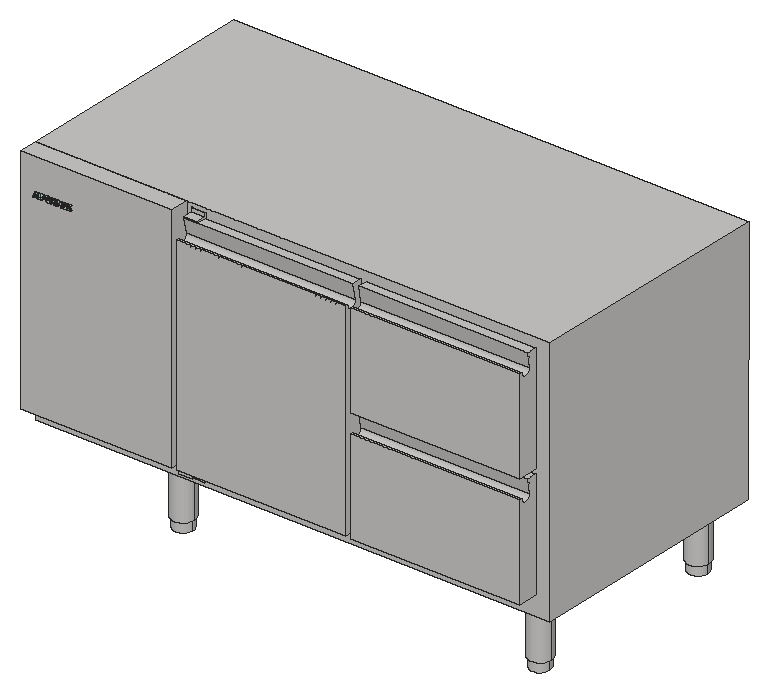
Revit family "QF_ALPENINOX_712678_AJ2F7AB", category Specialty Equipment, Revit 2018 (continued)
Definition of nested family "APX_BI_BT_L_650"
  Automatic sketch dimensions
    Extrusion 4 sketch curve to Extrusion 4 sketch curve = 0.31 mm  (x2)
    Extrusion 4 sketch curve to Extrusion 4 sketch curve = 0.473 mm
    Extrusion 4 sketch curve to Extrusion 4 sketch curve = 0.171 mm
    Extrusion 4 sketch curve to Extrusion 4 sketch curve = 0.674 mm
    Extrusion 4 sketch curve to Extrusion 4 sketch curve = 1.992 mm
    Extrusion 4 sketch curve to Extrusion 4 sketch curve = 5.4 mm
    Extrusion 4 sketch curve to Extrusion 4 sketch curve = 3.473 mm  (x2)
    Extrusion 4 sketch curve to Extrusion 4 sketch curve = 2.32 mm
    Extrusion 4 sketch curve to Extrusion 4 sketch curve = 2.431 mm
    Extrusion 4 sketch curve to Extrusion 4 sketch curve = 1.177 mm
    Extrusion 4 sketch curve to Extrusion 4 sketch curve = 0.966 mm
    Extrusion 4 sketch curve to Extrusion 4 sketch curve = 2.544 mm
    Extrusion 4 sketch curve to Extrusion 4 sketch curve = 0.346 mm
    Extrusion 4 sketch curve to Extrusion 4 sketch curve = 0.037 mm
    Extrusion 4 sketch curve to Extrusion 4 sketch curve = 2.58 mm  (x2)
    Extrusion 4 sketch curve to Extrusion 4 sketch curve = 0.793 mm  (x2)
    Extrusion 4 sketch curve to Extrusion 4 sketch curve = 0.276 mm
    Extrusion 4 sketch curve to Extrusion 4 sketch curve = 3.452 mm  (x2)
    Extrusion 4 sketch curve to Extrusion 4 sketch curve = 1.238 mm
    Extrusion 4 sketch curve to Extrusion 4 sketch curve = 3.023 mm
    Extrusion 4 sketch curve to Extrusion 4 sketch curve = 0.834 mm  (x2)
    Extrusion 4 sketch curve to Extrusion 4 sketch curve = 0.529 mm
    Extrusion 4 sketch curve to Extrusion 4 sketch curve = 0.823 mm  (x2)
    Extrusion 4 sketch curve to Extrusion 4 sketch curve = 0.947 mm
    Extrusion 4 sketch curve to Extrusion 4 sketch curve = 3.837 mm
    Extrusion 4 sketch curve to Extrusion 4 sketch curve = 0.623 mm
    Extrusion 4 sketch curve to Extrusion 4 sketch curve = 1.082 mm
    Extrusion 4 sketch curve to Extrusion 4 sketch curve = 0.801 mm
    Extrusion 4 sketch curve to Extrusion 4 sketch curve = 1 mm
    Extrusion 4 sketch curve to Extrusion 4 sketch curve = 0.089 mm
    Extrusion 4 sketch curve to Extrusion 4 sketch curve = 4.257 mm
    Extrusion 4 sketch curve to Extrusion 4 sketch curve = 4.345 mm  (x2)
    Extrusion 4 sketch curve to Extrusion 4 sketch curve = 2.576 mm
    Extrusion 4 sketch curve to Extrusion 4 sketch curve = 1.385 mm  (x4)
    Extrusion 4 sketch curve to Extrusion 4 sketch curve = 2.133 mm  (x4)
    Extrusion 4 sketch curve to Extrusion 4 sketch curve = 3.518 mm
    Extrusion 4 sketch curve to Extrusion 4 sketch curve = 3.032 mm
    Split face 198 sketch curve to Extrusion 2 = 0 mm  (x2)
    Split face 198 sketch curve to Extrusion 2 = 34 mm
    Split face 198 sketch curve to Extrusion 2 = 104 mm
    Split face 198 sketch curve to Split face 198 sketch curve = 17.5 mm
    Split face 134 sketch curve to Extrusion 2 = 135.544 mm
    Split face 134 sketch curve to Extrusion 2 = 128.176 mm
    Split face 135 sketch curve to Extrusion 2 = 80.544 mm
    Split face 135 sketch curve to Extrusion 2 = 128.176 mm
    Split face 136 sketch curve to Extrusion 2 = 135.544 mm
    Split face 136 sketch curve to Extrusion 2 = 140.176 mm
    Split face 137 sketch curve to Extrusion 2 = 80.544 mm
    Split face 137 sketch curve to Extrusion 2 = 140.176 mm
    Split face 138 sketch curve to Extrusion 2 = 135.544 mm
    Split face 138 sketch curve to Extrusion 2 = 152.176 mm
    Split face 139 sketch curve to Extrusion 2 = 80.544 mm
    Split face 139 sketch curve to Extrusion 2 = 152.176 mm
    Split face 140 sketch curve to Extrusion 2 = 135.544 mm
    Split face 140 sketch curve to Extrusion 2 = 164.176 mm
    Split face 141 sketch curve to Extrusion 2 = 80.544 mm
    Split face 141 sketch curve to Extrusion 2 = 164.176 mm
    Split face 142 sketch curve to Extrusion 2 = 135.544 mm
    Split face 142 sketch curve to Extrusion 2 = 176.176 mm
    Split face 143 sketch curve to Extrusion 2 = 80.544 mm
    Split face 143 sketch curve to Extrusion 2 = 176.176 mm
    Split face 144 sketch curve to Extrusion 2 = 135.544 mm
    Split face 144 sketch curve to Extrusion 2 = 188.176 mm
    Split face 145 sketch curve to Extrusion 2 = 80.544 mm
    Split face 145 sketch curve to Extrusion 2 = 188.176 mm
    Split face 146 sketch curve to Extrusion 2 = 135.544 mm
    Split face 146 sketch curve to Extrusion 2 = 200.176 mm
    Split face 147 sketch curve to Extrusion 2 = 80.544 mm
    Split face 147 sketch curve to Extrusion 2 = 200.176 mm
    Split face 148 sketch curve to Extrusion 2 = 135.544 mm
    Split face 148 sketch curve to Extrusion 2 = 212.176 mm
    Split face 149 sketch curve to Extrusion 2 = 80.544 mm
    Split face 149 sketch curve to Extrusion 2 = 212.176 mm
    Split face 150 sketch curve to Extrusion 2 = 135.544 mm
    Split face 150 sketch curve to Extrusion 2 = 224.176 mm
    Split face 151 sketch curve to Extrusion 2 = 80.544 mm
    Split face 151 sketch curve to Extrusion 2 = 224.176 mm
    Split face 152 sketch curve to Extrusion 2 = 135.544 mm
    Split face 152 sketch curve to Extrusion 2 = 236.176 mm
    Split face 153 sketch curve to Extrusion 2 = 80.544 mm
    Split face 153 sketch curve to Extrusion 2 = 236.176 mm
    Split face 154 sketch curve to Extrusion 2 = 135.544 mm
    Split face 154 sketch curve to Extrusion 2 = 248.176 mm
    Split face 155 sketch curve to Extrusion 2 = 80.544 mm
    Split face 155 sketch curve to Extrusion 2 = 248.176 mm
    Split face 156 sketch curve to Extrusion 2 = 135.544 mm
    Split face 156 sketch curve to Extrusion 2 = 260.176 mm
    Split face 157 sketch curve to Extrusion 2 = 80.544 mm
    Split face 157 sketch curve to Extrusion 2 = 260.176 mm
    Split face 158 sketch curve to Extrusion 2 = 135.544 mm
    Split face 158 sketch curve to Extrusion 2 = 272.176 mm
    Split face 159 sketch curve to Extrusion 2 = 80.544 mm
    Split face 159 sketch curve to Extrusion 2 = 272.176 mm
    Split face 160 sketch curve to Extrusion 2 = 135.544 mm
    Split face 160 sketch curve to Extrusion 2 = 284.176 mm
    Split face 161 sketch curve to Extrusion 2 = 80.544 mm
    Split face 161 sketch curve to Extrusion 2 = 284.176 mm
    Split face 162 sketch curve to Extrusion 2 = 135.544 mm
    Split face 162 sketch curve to Extrusion 2 = 296.176 mm
    Split face 163 sketch curve to Extrusion 2 = 80.544 mm
    Split face 163 sketch curve to Extrusion 2 = 296.176 mm
    Split face 164 sketch curve to Extrusion 2 = 135.544 mm
    Split face 164 sketch curve to Extrusion 2 = 308.176 mm
    Split face 165 sketch curve to Extrusion 2 = 80.544 mm
    Split face 165 sketch curve to Extrusion 2 = 308.176 mm
    Split face 166 sketch curve to Extrusion 2 = 135.544 mm
    Split face 166 sketch curve to Extrusion 2 = 192.174 mm
    Split face 167 sketch curve to Extrusion 2 = 80.544 mm
    Split face 167 sketch curve to Extrusion 2 = 192.174 mm
    Split face 168 sketch curve to Extrusion 2 = 135.544 mm
    Split face 168 sketch curve to Extrusion 2 = 180.174 mm
    Split face 169 sketch curve to Extrusion 2 = 80.544 mm
    Split face 169 sketch curve to Extrusion 2 = 180.174 mm
    Split face 170 sketch curve to Extrusion 2 = 135.544 mm
    Split face 170 sketch curve to Extrusion 2 = 168.174 mm
    Split face 171 sketch curve to Extrusion 2 = 80.544 mm
    Split face 171 sketch curve to Extrusion 2 = 168.174 mm
    Split face 172 sketch curve to Extrusion 2 = 135.544 mm
    Split face 172 sketch curve to Extrusion 2 = 156.174 mm
    Split face 173 sketch curve to Extrusion 2 = 80.544 mm
    Split face 173 sketch curve to Extrusion 2 = 156.174 mm
    Split face 174 sketch curve to Extrusion 2 = 135.544 mm
    Split face 174 sketch curve to Extrusion 2 = 144.174 mm
    Split face 175 sketch curve to Extrusion 2 = 80.544 mm
    Split face 175 sketch curve to Extrusion 2 = 144.174 mm
    Split face 176 sketch curve to Extrusion 2 = 135.544 mm
    Split face 176 sketch curve to Extrusion 2 = 132.174 mm
    Split face 177 sketch curve to Extrusion 2 = 80.544 mm
    Split face 177 sketch curve to Extrusion 2 = 132.174 mm
    Split face 178 sketch curve to Extrusion 2 = 135.544 mm
    Split face 178 sketch curve to Extrusion 2 = 120.174 mm
    Split face 179 sketch curve to Extrusion 2 = 80.544 mm
    Split face 179 sketch curve to Extrusion 2 = 120.174 mm
    Split face 180 sketch curve to Extrusion 2 = 135.544 mm
    Split face 180 sketch curve to Extrusion 2 = 108.174 mm
    Split face 181 sketch curve to Extrusion 2 = 80.544 mm
    Split face 181 sketch curve to Extrusion 2 = 108.174 mm
    Split face 182 sketch curve to Extrusion 2 = 135.544 mm
    Split face 182 sketch curve to Extrusion 2 = 96.174 mm
    Split face 183 sketch curve to Extrusion 2 = 80.544 mm
    Split face 183 sketch curve to Extrusion 2 = 96.174 mm
    Split face 184 sketch curve to Extrusion 2 = 135.544 mm
    Split face 184 sketch curve to Extrusion 2 = 84.174 mm
    Split face 185 sketch curve to Extrusion 2 = 80.544 mm
    Split face 185 sketch curve to Extrusion 2 = 84.174 mm
    Split face 186 sketch curve to Extrusion 2 = 135.544 mm
    Split face 186 sketch curve to Extrusion 2 = 72.174 mm
    Split face 187 sketch curve to Extrusion 2 = 80.544 mm
    Split face 187 sketch curve to Extrusion 2 = 72.174 mm
    Split face 188 sketch curve to Extrusion 2 = 135.544 mm
    Split face 188 sketch curve to Extrusion 2 = 60.174 mm
    Split face 189 sketch curve to Extrusion 2 = 80.544 mm
    Split face 189 sketch curve to Extrusion 2 = 60.174 mm
    Split face 190 sketch curve to Extrusion 2 = 56.174 mm
    Split face 190 sketch curve to Extrusion 2 = 135.544 mm
    Split face 191 sketch curve to Extrusion 2 = 80.544 mm
    Split face 191 sketch curve to Extrusion 2 = 48.174 mm
    Split face 192 sketch curve to Extrusion 2 = 44.174 mm
    Split face 192 sketch curve to Extrusion 2 = 135.544 mm
    Split face 193 sketch curve to Extrusion 2 = 80.544 mm
    Split face 193 sketch curve to Extrusion 2 = 36.174 mm
    Split face 194 sketch curve to Extrusion 2 = 32.174 mm
    Split face 194 sketch curve to Extrusion 2 = 135.544 mm
    Split face 195 sketch curve to Extrusion 2 = 32.174 mm
    Split face 195 sketch curve to Extrusion 2 = 80.544 mm
    Split face 196 sketch curve to Extrusion 2 = 20.174 mm
    Split face 196 sketch curve to Extrusion 2 = 135.544 mm
    Split face 197 sketch curve to Extrusion 2 = 20.174 mm
    Split face 197 sketch curve to Extrusion 2 = 80.544 mm
    Split face 4 sketch curve to Extrusion 2 = 38.456 mm
    Split face 4 sketch curve to Extrusion 2 = 128.176 mm
    Split face 5 sketch curve to Extrusion 2 = 190.544 mm
    Split face 5 sketch curve to Extrusion 2 = 128.176 mm
    Split face 6 sketch curve to Extrusion 2 = 93.456 mm
    Split face 6 sketch curve to Extrusion 2 = 128.176 mm
    Split face 7 sketch curve to Extrusion 2 = 148.456 mm
    Split face 7 sketch curve to Extrusion 2 = 128.176 mm
    Split face 9 sketch curve to Extrusion 2 = 38.456 mm
    Split face 9 sketch curve to Extrusion 2 = 140.176 mm
    Split face 10 sketch curve to Extrusion 2 = 190.544 mm
    Split face 10 sketch curve to Extrusion 2 = 140.176 mm
    Split face 11 sketch curve to Extrusion 2 = 93.456 mm
    Split face 11 sketch curve to Extrusion 2 = 140.176 mm
    Split face 12 sketch curve to Extrusion 2 = 148.456 mm
    Split face 12 sketch curve to Extrusion 2 = 140.176 mm
    Split face 13 sketch curve to Extrusion 2 = 38.456 mm
    Split face 13 sketch curve to Extrusion 2 = 152.176 mm
    Split face 14 sketch curve to Extrusion 2 = 190.544 mm
    Split face 14 sketch curve to Extrusion 2 = 152.176 mm
    Split face 15 sketch curve to Extrusion 2 = 93.456 mm
    Split face 15 sketch curve to Extrusion 2 = 152.176 mm
    Split face 16 sketch curve to Extrusion 2 = 148.456 mm
    Split face 16 sketch curve to Extrusion 2 = 152.176 mm
    Split face 17 sketch curve to Extrusion 2 = 38.456 mm
    Split face 17 sketch curve to Extrusion 2 = 164.176 mm
    Split face 18 sketch curve to Extrusion 2 = 190.544 mm
    Split face 18 sketch curve to Extrusion 2 = 164.176 mm
    Split face 19 sketch curve to Extrusion 2 = 93.456 mm
    Split face 19 sketch curve to Extrusion 2 = 164.176 mm
    Split face 20 sketch curve to Extrusion 2 = 148.456 mm
    Split face 20 sketch curve to Extrusion 2 = 164.176 mm
    Split face 21 sketch curve to Extrusion 2 = 38.456 mm
    Split face 21 sketch curve to Extrusion 2 = 176.176 mm
    Split face 22 sketch curve to Extrusion 2 = 190.544 mm
    Split face 22 sketch curve to Extrusion 2 = 176.176 mm
    Split face 23 sketch curve to Extrusion 2 = 93.456 mm
    Split face 23 sketch curve to Extrusion 2 = 176.176 mm
    Split face 24 sketch curve to Extrusion 2 = 148.456 mm
    Split face 24 sketch curve to Extrusion 2 = 176.176 mm
    Split face 25 sketch curve to Extrusion 2 = 38.456 mm
    Split face 25 sketch curve to Extrusion 2 = 188.176 mm
    Split face 26 sketch curve to Extrusion 2 = 190.544 mm
    Split face 26 sketch curve to Extrusion 2 = 188.176 mm
    Split face 27 sketch curve to Extrusion 2 = 93.456 mm
    Split face 27 sketch curve to Extrusion 2 = 188.176 mm
    Split face 28 sketch curve to Extrusion 2 = 148.456 mm
    Split face 28 sketch curve to Extrusion 2 = 188.176 mm
    Split face 29 sketch curve to Extrusion 2 = 38.456 mm
    Split face 29 sketch curve to Extrusion 2 = 200.176 mm
    Split face 30 sketch curve to Extrusion 2 = 190.544 mm
    Split face 30 sketch curve to Extrusion 2 = 200.176 mm
    Split face 31 sketch curve to Extrusion 2 = 93.456 mm
    Split face 31 sketch curve to Extrusion 2 = 200.176 mm
    Split face 32 sketch curve to Extrusion 2 = 148.456 mm
    Split face 32 sketch curve to Extrusion 2 = 200.176 mm
    Split face 33 sketch curve to Extrusion 2 = 38.456 mm
    Split face 33 sketch curve to Extrusion 2 = 212.176 mm
    Split face 34 sketch curve to Extrusion 2 = 190.544 mm
    Split face 34 sketch curve to Extrusion 2 = 212.176 mm
    Split face 35 sketch curve to Extrusion 2 = 93.456 mm
    Split face 35 sketch curve to Extrusion 2 = 212.176 mm
    Split face 36 sketch curve to Extrusion 2 = 148.456 mm
    Split face 36 sketch curve to Extrusion 2 = 212.176 mm
    Split face 37 sketch curve to Extrusion 2 = 38.456 mm
    Split face 37 sketch curve to Extrusion 2 = 224.176 mm
    Split face 38 sketch curve to Extrusion 2 = 190.544 mm
    Split face 38 sketch curve to Extrusion 2 = 224.176 mm
    Split face 39 sketch curve to Extrusion 2 = 93.456 mm
    Split face 39 sketch curve to Extrusion 2 = 224.176 mm
    Split face 40 sketch curve to Extrusion 2 = 148.456 mm
    Split face 40 sketch curve to Extrusion 2 = 224.176 mm
    Split face 41 sketch curve to Extrusion 2 = 38.456 mm
    Split face 41 sketch curve to Extrusion 2 = 236.176 mm
    Split face 42 sketch curve to Extrusion 2 = 190.544 mm
    Split face 42 sketch curve to Extrusion 2 = 236.176 mm
    Split face 43 sketch curve to Extrusion 2 = 93.456 mm
    Split face 43 sketch curve to Extrusion 2 = 236.176 mm
    Split face 44 sketch curve to Extrusion 2 = 148.456 mm
    Split face 44 sketch curve to Extrusion 2 = 236.176 mm
    Split face 45 sketch curve to Extrusion 2 = 38.456 mm
    Split face 45 sketch curve to Extrusion 2 = 248.176 mm
    Split face 46 sketch curve to Extrusion 2 = 190.544 mm
    Split face 46 sketch curve to Extrusion 2 = 248.176 mm
    Split face 47 sketch curve to Extrusion 2 = 93.456 mm
    Split face 47 sketch curve to Extrusion 2 = 248.176 mm
    Split face 48 sketch curve to Extrusion 2 = 148.456 mm
    Split face 48 sketch curve to Extrusion 2 = 248.176 mm
    Split face 49 sketch curve to Extrusion 2 = 38.456 mm
    Split face 49 sketch curve to Extrusion 2 = 260.176 mm
    Split face 50 sketch curve to Extrusion 2 = 190.544 mm
    Split face 50 sketch curve to Extrusion 2 = 260.176 mm
    Split face 51 sketch curve to Extrusion 2 = 93.456 mm
    Split face 51 sketch curve to Extrusion 2 = 260.176 mm
    Split face 52 sketch curve to Extrusion 2 = 148.456 mm
    Split face 52 sketch curve to Extrusion 2 = 260.176 mm
    Split face 53 sketch curve to Extrusion 2 = 38.456 mm
    Split face 53 sketch curve to Extrusion 2 = 272.176 mm
    Split face 54 sketch curve to Extrusion 2 = 190.544 mm
    Split face 54 sketch curve to Extrusion 2 = 272.176 mm
    Split face 55 sketch curve to Extrusion 2 = 93.456 mm
    Split face 55 sketch curve to Extrusion 2 = 272.176 mm
    Split face 56 sketch curve to Extrusion 2 = 148.456 mm
    Split face 56 sketch curve to Extrusion 2 = 272.176 mm
    Split face 57 sketch curve to Extrusion 2 = 38.456 mm
    Split face 57 sketch curve to Extrusion 2 = 284.176 mm
    Split face 58 sketch curve to Extrusion 2 = 190.544 mm
    Split face 58 sketch curve to Extrusion 2 = 284.176 mm
    Split face 59 sketch curve to Extrusion 2 = 93.456 mm
    Split face 59 sketch curve to Extrusion 2 = 284.176 mm
    Split face 60 sketch curve to Extrusion 2 = 148.456 mm
    Split face 60 sketch curve to Extrusion 2 = 284.176 mm
    Split face 61 sketch curve to Extrusion 2 = 38.456 mm
    Split face 61 sketch curve to Extrusion 2 = 296.176 mm
    Split face 62 sketch curve to Extrusion 2 = 190.544 mm
    Split face 62 sketch curve to Extrusion 2 = 296.176 mm
    Split face 63 sketch curve to Extrusion 2 = 93.456 mm
    Split face 63 sketch curve to Extrusion 2 = 296.176 mm
    Split face 64 sketch curve to Extrusion 2 = 148.456 mm
    Split face 64 sketch curve to Extrusion 2 = 296.176 mm
    Split face 65 sketch curve to Extrusion 2 = 38.456 mm
    Split face 65 sketch curve to Extrusion 2 = 308.176 mm
    Split face 66 sketch curve to Extrusion 2 = 190.544 mm
    Split face 66 sketch curve to Extrusion 2 = 308.176 mm
    Split face 67 sketch curve to Extrusion 2 = 93.456 mm
    Split face 67 sketch curve to Extrusion 2 = 308.176 mm
    Split face 68 sketch curve to Extrusion 2 = 148.456 mm
    Split face 68 sketch curve to Extrusion 2 = 308.176 mm
    Split face 70 sketch curve to Extrusion 2 = 38.456 mm
    Split face 70 sketch curve to Extrusion 2 = 192.174 mm
    Split face 71 sketch curve to Extrusion 2 = 190.544 mm
    Split face 71 sketch curve to Extrusion 2 = 192.174 mm
    Split face 72 sketch curve to Extrusion 2 = 93.456 mm
    Split face 72 sketch curve to Extrusion 2 = 192.174 mm
    Split face 73 sketch curve to Extrusion 2 = 148.456 mm
    Split face 73 sketch curve to Extrusion 2 = 192.174 mm
    Split face 74 sketch curve to Extrusion 2 = 38.456 mm
    Split face 74 sketch curve to Extrusion 2 = 180.174 mm
    Split face 75 sketch curve to Extrusion 2 = 190.544 mm
    Split face 75 sketch curve to Extrusion 2 = 180.174 mm
    Split face 76 sketch curve to Extrusion 2 = 93.456 mm
    Split face 76 sketch curve to Extrusion 2 = 180.174 mm
    Split face 77 sketch curve to Extrusion 2 = 148.456 mm
    Split face 77 sketch curve to Extrusion 2 = 180.174 mm
    Split face 78 sketch curve to Extrusion 2 = 38.456 mm
    Split face 78 sketch curve to Extrusion 2 = 168.174 mm
    Split face 79 sketch curve to Extrusion 2 = 190.544 mm
    Split face 79 sketch curve to Extrusion 2 = 168.174 mm
    Split face 80 sketch curve to Extrusion 2 = 93.456 mm
    Split face 80 sketch curve to Extrusion 2 = 168.174 mm
    Split face 81 sketch curve to Extrusion 2 = 148.456 mm
    Split face 81 sketch curve to Extrusion 2 = 168.174 mm
    Split face 82 sketch curve to Extrusion 2 = 38.456 mm
    Split face 82 sketch curve to Extrusion 2 = 156.174 mm
    Split face 83 sketch curve to Extrusion 2 = 190.544 mm
    Split face 83 sketch curve to Extrusion 2 = 156.174 mm
    Split face 84 sketch curve to Extrusion 2 = 93.456 mm
    Split face 84 sketch curve to Extrusion 2 = 156.174 mm
    Split face 85 sketch curve to Extrusion 2 = 148.456 mm
    Split face 85 sketch curve to Extrusion 2 = 156.174 mm
    Split face 86 sketch curve to Extrusion 2 = 38.456 mm
    Split face 86 sketch curve to Extrusion 2 = 144.174 mm
    Split face 87 sketch curve to Extrusion 2 = 190.544 mm
    Split face 87 sketch curve to Extrusion 2 = 144.174 mm
    Split face 88 sketch curve to Extrusion 2 = 93.456 mm
    Split face 88 sketch curve to Extrusion 2 = 144.174 mm
    Split face 89 sketch curve to Extrusion 2 = 148.456 mm
    Split face 89 sketch curve to Extrusion 2 = 144.174 mm
    Split face 90 sketch curve to Extrusion 2 = 38.456 mm
    Split face 90 sketch curve to Extrusion 2 = 132.174 mm
    Split face 91 sketch curve to Extrusion 2 = 190.544 mm
    Split face 91 sketch curve to Extrusion 2 = 132.174 mm
    Split face 92 sketch curve to Extrusion 2 = 93.456 mm
    Split face 92 sketch curve to Extrusion 2 = 132.174 mm
    Split face 93 sketch curve to Extrusion 2 = 148.456 mm
    Split face 93 sketch curve to Extrusion 2 = 132.174 mm
    Split face 94 sketch curve to Extrusion 2 = 38.456 mm
    Split face 94 sketch curve to Extrusion 2 = 120.174 mm
    Split face 95 sketch curve to Extrusion 2 = 190.544 mm
    Split face 95 sketch curve to Extrusion 2 = 120.174 mm
    Split face 96 sketch curve to Extrusion 2 = 93.456 mm
    Split face 96 sketch curve to Extrusion 2 = 120.174 mm
    Split face 97 sketch curve to Extrusion 2 = 148.456 mm
    Split face 97 sketch curve to Extrusion 2 = 120.174 mm
    Split face 98 sketch curve to Extrusion 2 = 38.456 mm
    Split face 98 sketch curve to Extrusion 2 = 108.174 mm
    Split face 99 sketch curve to Extrusion 2 = 190.544 mm
    Split face 99 sketch curve to Extrusion 2 = 108.174 mm
    Split face 100 sketch curve to Extrusion 2 = 93.456 mm
    Split face 100 sketch curve to Extrusion 2 = 108.174 mm
    Split face 101 sketch curve to Extrusion 2 = 148.456 mm
    Split face 101 sketch curve to Extrusion 2 = 108.174 mm
    Split face 102 sketch curve to Extrusion 2 = 38.456 mm
    Split face 102 sketch curve to Extrusion 2 = 96.174 mm
    Split face 103 sketch curve to Extrusion 2 = 190.544 mm
    Split face 103 sketch curve to Extrusion 2 = 96.174 mm
    Split face 104 sketch curve to Extrusion 2 = 93.456 mm
    Split face 104 sketch curve to Extrusion 2 = 96.174 mm
    Split face 105 sketch curve to Extrusion 2 = 148.456 mm
    Split face 105 sketch curve to Extrusion 2 = 96.174 mm
    Split face 106 sketch curve to Extrusion 2 = 38.456 mm
    Split face 106 sketch curve to Extrusion 2 = 84.174 mm
    Split face 107 sketch curve to Extrusion 2 = 92.174 mm
    Split face 107 sketch curve to Extrusion 2 = 190.544 mm
    Split face 108 sketch curve to Extrusion 2 = 93.456 mm
    Split face 108 sketch curve to Extrusion 2 = 84.174 mm
    Split face 109 sketch curve to Extrusion 2 = 148.456 mm
    Split face 109 sketch curve to Extrusion 2 = 84.174 mm
    Split face 110 sketch curve to Extrusion 2 = 38.456 mm
    Split face 110 sketch curve to Extrusion 2 = 72.174 mm
    Split face 111 sketch curve to Extrusion 2 = 80.174 mm
    Split face 111 sketch curve to Extrusion 2 = 190.544 mm
    Split face 112 sketch curve to Extrusion 2 = 93.456 mm
    Split face 112 sketch curve to Extrusion 2 = 72.174 mm
    Split face 113 sketch curve to Extrusion 2 = 148.456 mm
    Split face 113 sketch curve to Extrusion 2 = 72.174 mm
    Split face 114 sketch curve to Extrusion 2 = 38.456 mm
    Split face 114 sketch curve to Extrusion 2 = 60.174 mm
    Split face 115 sketch curve to Extrusion 2 = 68.174 mm
    Split face 115 sketch curve to Extrusion 2 = 190.544 mm
    Split face 116 sketch curve to Extrusion 2 = 93.456 mm
    Split face 116 sketch curve to Extrusion 2 = 60.174 mm
    Split face 117 sketch curve to Extrusion 2 = 68.174 mm
    Split face 117 sketch curve to Extrusion 2 = 148.456 mm
    Split face 118 sketch curve to Extrusion 2 = 38.456 mm
    Split face 118 sketch curve to Extrusion 2 = 48.174 mm
    Split face 119 sketch curve to Extrusion 2 = 56.174 mm
    Split face 119 sketch curve to Extrusion 2 = 190.544 mm
    Split face 120 sketch curve to Extrusion 2 = 93.456 mm
    Split face 120 sketch curve to Extrusion 2 = 48.174 mm
    Split face 121 sketch curve to Extrusion 2 = 56.174 mm
    Split face 121 sketch curve to Extrusion 2 = 148.456 mm
    Split face 122 sketch curve to Extrusion 2 = 38.456 mm
    Split face 122 sketch curve to Extrusion 2 = 36.174 mm
    Split face 123 sketch curve to Extrusion 2 = 44.174 mm
    Split face 123 sketch curve to Extrusion 2 = 190.544 mm
    Split face 124 sketch curve to Extrusion 2 = 44.174 mm
    Split face 124 sketch curve to Extrusion 2 = 93.456 mm
    Split face 125 sketch curve to Extrusion 2 = 44.174 mm
    Split face 125 sketch curve to Extrusion 2 = 148.456 mm
    Split face 126 sketch curve to Extrusion 2 = 38.456 mm
    Split face 126 sketch curve to Extrusion 2 = 24.174 mm
    Split face 127 sketch curve to Extrusion 2 = 32.174 mm
    Split face 127 sketch curve to Extrusion 2 = 190.544 mm
    Split face 128 sketch curve to Extrusion 2 = 32.174 mm
    Split face 128 sketch curve to Extrusion 2 = 93.456 mm
    Split face 129 sketch curve to Extrusion 2 = 32.174 mm
    Split face 129 sketch curve to Extrusion 2 = 148.456 mm
    Split face 130 sketch curve to Extrusion 2 = 38.456 mm
    Split face 130 sketch curve to Extrusion 2 = 12.174 mm
    Split face 131 sketch curve to Extrusion 2 = 20.174 mm
    Split face 131 sketch curve to Extrusion 2 = 190.544 mm
    Split face 132 sketch curve to Extrusion 2 = 20.174 mm
    Split face 132 sketch curve to Extrusion 2 = 93.456 mm
    Split face 133 sketch curve to Extrusion 2 = 20.174 mm
    Split face 133 sketch curve to Extrusion 2 = 148.456 mm
    curve 1 to level = 0 mm
    curve 1 to plane 5 = 0 mm
    curve 1 to curve 1 = 50 mm
Definition of nested family "APX_SD_L_650"
  Parameters
    Show Clearance [instance] = yes
    Default Elevation = 1219.2 mm
  Reference planes
    plane 1 "Center (Front/Back)": y = 28.12
    plane 2: z = 0
    plane 3 "Center (Left/Right)": x = 0
    plane 4: x = -234
    plane 5: x = 234
  Forms (mm)
    Extrusion 1, solid
      sketch origin (0, 0, 0) x (1, 0, 0) y (0, 1, 0)
        loop
          line (-1219.2, 1219.2) -> (-1219.2, -1219.2) -> (1219.2, -1219.2) -> (1219.2, 1219.2) -> (-1219.2, 1219.2)
      from 0 to -304.8
    Extrusion 2, solid
      sketch origin (0, 53.12, -3) x (0, 1, 0) y (0, 0, 1)
        loop
          line (-314, 53) -> (-314, 3) -> (264, 3) -> (264, 29) -> (224.395, 20)
          arc (224.395, 20) -> (210.396, 33.803) -> (224, 47.994) r 14
          line (224, 47.994) -> (224, 53) -> (-314, 53)
      from -220 to 220
    Extrusion 3, solid
      sketch origin (0, 53.12, 0) x (0, 1, 0) y (0, 0, -1)
        loop
          line (-323.003, -40.312) -> (-323.003, -12.259) -> (-323.003, 0) -> (-351.511, 0) -> (-351.511, -2.5) -> (-325.503, -2.5) -> (-325.503, -42.812) -> (-316.501, -42.812) -> (-316.501, -40.312) -> (-323.003, -40.312)
        loop
          line (-314, -38.311) -> (-314, -11.804) -> (-319.752, -11.804) -> (-319.752, -14.304) -> (-316.501, -14.304) -> (-316.501, -38.311) -> (-314, -38.311)
        loop
          line (265.003, -27.948) -> (267.503, -27.948) -> (267.503, -2.5) -> (277.503, -2.5) -> (277.503, 0) -> (265.003, 0) -> (265.003, -2.948) -> (265.003, -27.948)
      from 185 to 220
    Extrusion 4, solid, visible <- "Show Clearance", detail levels coarse
      sketch origin (0, 28.12, -3) x (-1, 0, 0) y (0, 0, -1)
        loop
          line (220, -53) -> (-220, -53)
          arc (-220, -53) -> (-79.636, -340.04) -> (220, -451) r 430
          line (220, -451) -> (220, -53)
      from -289 to 289
  Lines and regions (mm)
    symbolic lines
      curve 1: arc (219.599, 0, 55) -> (95.934, 0, 321.503) -> (-170, 0, 446.39) r 430
      curve 2: line (-220, 0, 55) -> (-220, 0, 448)
      curve 3: line (-170, 0, 55) -> (-170, 0, 448)
      curve 4: line (-220, 0, 448) -> (-170, 0, 448)
  Dimensions and locks
    plane 4 to plane 3 "Center (Left/Right)" to plane 5 = 234 mm locked, 234 mm locked
    aligned and locked: plane 2 to Extrusion 1
    aligned and locked: level to Extrusion 1
Definition of nested family "APX_HALF_650"
  Parameters
    Show Clearance [instance] = yes
    Default Elevation = 1219.2 mm
  Reference planes
    plane 1 "Center (Front/Back)": y = 28.92
    plane 2: z = 0
    plane 3 "Center (Left/Right)": x = 0
    plane 4: x = -234
    plane 5: x = 234
    plane 6: z = 618
  Forms (mm)
    Extrusion 1, solid
      sketch origin (0, 0, 0) x (1, 0, 0) y (0, 1, 0)
        loop
          line (-1219.2, 1219.2) -> (-1219.2, -1219.2) -> (1219.2, -1219.2) -> (1219.2, 1219.2) -> (-1219.2, 1219.2)
      from 0 to -304.8
    Extrusion 2, solid
      sketch origin (0, 0, 0) x (0, 1, 0) y (0, 0, 1)
        loop
          line (317.92, 0) -> (317.92, 26) -> (278.314, 17)
          arc (278.314, 17) -> (264.314, 31) -> (278.314, 45) r 14
          line (278.314, 45) -> (278.314, 50) -> (33.92, 50) -> (33.92, 0) -> (317.92, 0)
        loop
          line (23.92, 0) -> (23.92, 26) -> (-15.686, 17)
          arc (-15.686, 17) -> (-29.686, 31) -> (-15.686, 45) r 14
          line (-15.686, 45) -> (-15.686, 50) -> (-260.08, 50) -> (-260.08, 0) -> (23.92, 0)
      from -220 to 220
    Extrusion 3, solid, visible <- "Show Clearance", detail levels coarse
      sketch origin (0, 0, 512) x (0, 1, 0) y (0, 0, 1)
        loop
          line (-260.08, 106) -> (-260.08, -462) -> (23.92, -462) -> (23.92, 82) -> (-15.686, 73)
          arc (-15.686, 73) -> (-29.686, 87) -> (-15.686, 101) r 14
          line (-15.686, 101) -> (-15.686, 106) -> (-260.08, 106)
        loop
          line (317.92, -462) -> (317.92, 82) -> (278.314, 73)
          arc (278.314, 73) -> (264.314, 87) -> (278.314, 101) r 14
          line (278.314, 101) -> (278.314, 106) -> (33.92, 106) -> (33.92, -462) -> (317.92, -462)
      from -220 to 220
  Lines and regions (mm)
    symbolic lines
      curve 1: line (220, 0, 140) -> (-220, 0, 140)
      curve 2: line (220, 0, 175) -> (-220, 0, 175)
      curve 3: line (220, 0, 260) -> (-220, 0, 260)
      curve 4: line (220, 0, 295) -> (-220, 0, 295)
      curve 5: line (191.424, 0, 140) -> (191.424, 0, 55)
      curve 6: line (-190, 0, 140) -> (-190, 0, 55)
      curve 7: line (191.424, 0, 260) -> (191.424, 0, 175)
      curve 8: line (-190, 0, 260) -> (-190, 0, 175)
      curve 9: line (220, 0, 260) -> (220, 0, 295)
      curve 10: line (-220, 0, 260) -> (-220, 0, 295)
      curve 11: line (220, 0, 140) -> (220, 0, 175)
      curve 12: line (-220, 0, 140) -> (-220, 0, 175)
  Dimensions and locks
    plane 4 to plane 3 "Center (Left/Right)" to plane 5 = 234 mm locked, 234 mm locked
    plane 6 to level = 618 mm
    aligned and locked: plane 2 to Extrusion 1
    aligned and locked: level to Extrusion 1
Definition of nested family "Freezer"
  Reference planes
    plane 1 "Center (Front/Back)": y = 0
    plane 2: z = 0
    plane 3 "Center (Left/Right)": x = 0
  Lines and regions (mm)
    detail lines, in view "Ref. Level"
      curve 1: spline (-500, 190, 0) -> (-493.185, 166.706, 0) -> (-473.205, 145, 0) -> (-441.421, 126.36, 0) -> (-400, 112.058, 0) -> (-351.764, 103.067, 0) -> (-300, 100, 0) -> (-248.236, 103.067, 0) -> (-200, 112.058, 0) -> (-158.579, 126.36, 0) -> (-126.795, 145, 0) -> (-106.815, 166.706, 0) -> (-100, 190, 0) -> (-106.815, 213.294, 0) -> (-126.795, 235, 0) -> (-158.579, 253.64, 0) -> (-200, 267.942, 0) -> (-248.236, 276.933, 0) -> (-300, 280, 0) -> (-351.764, 276.933, 0) -> (-400, 267.942, 0) -> (-441.421, 253.64, 0) -> (-473.205, 235, 0) -> (-493.185, 213.294, 0) -> (-500, 190, 0)
      curve 2: line (-220, 130, 0) -> (-220, 250, 0)
      curve 3: line (-271.962, 220, 0) -> (-168.038, 160, 0)
      curve 4: line (-271.962, 160, 0) -> (-168.038, 220, 0)
      curve 5: line (-200.884, 246.873, 0) -> (-220, 225, 0)
      curve 6: line (-220, 225, 0) -> (-239.116, 246.873, 0)
      curve 7: line (-250.311, 207.5, 0) -> (-260, 235.883, 0)
      curve 8: line (-279.736, 201.7, 0) -> (-250.311, 207.5, 0)
      curve 9: line (-250.311, 172.5, 0) -> (-279.736, 178.3, 0)
      curve 10: line (-260, 144.117, 0) -> (-250.311, 172.5, 0)
      curve 11: line (-220, 155, 0) -> (-239.116, 133.127, 0)
      curve 12: line (-200.884, 133.127, 0) -> (-220, 155, 0)
      curve 13: line (-189.689, 172.5, 0) -> (-180.304, 145.008, 0)
      curve 14: line (-161.188, 178.118, 0) -> (-189.689, 172.5, 0)
      curve 15: line (-189.689, 207.5, 0) -> (-161.188, 201.882, 0)
      curve 16: line (-180.304, 234.992, 0) -> (-189.689, 207.5, 0)
      curve 17: line (-380, 130, 0) -> (-380, 250, 0)
      curve 18: line (-431.962, 220, 0) -> (-328.038, 160, 0)
      curve 19: line (-431.962, 160, 0) -> (-328.038, 220, 0)
      curve 20: line (-360.884, 246.873, 0) -> (-380, 225, 0)
      curve 21: line (-380, 225, 0) -> (-399.116, 246.873, 0)
      curve 22: line (-410.311, 207.5, 0) -> (-419.696, 234.992, 0)
      curve 23: line (-438.812, 201.882, 0) -> (-410.311, 207.5, 0)
      curve 24: line (-410.311, 172.5, 0) -> (-438.812, 178.118, 0)
      curve 25: line (-419.696, 145.008, 0) -> (-410.311, 172.5, 0)
      curve 26: line (-380, 155, 0) -> (-399.116, 133.127, 0)
      curve 27: line (-360.884, 133.127, 0) -> (-380, 155, 0)
      curve 28: line (-349.689, 172.5, 0) -> (-340, 144.117, 0)
      curve 29: line (-320.264, 178.3, 0) -> (-349.689, 172.5, 0)
      curve 30: line (-349.689, 207.5, 0) -> (-320.264, 201.7, 0)
      curve 31: line (-340, 235.883, 0) -> (-349.689, 207.5, 0)
